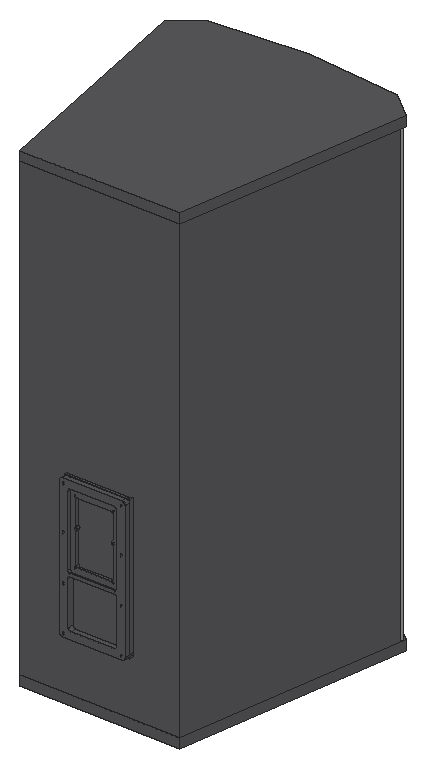
Revit family "EVC-1082-96", category Communication Devices, Revit 2017 (continued)
Definition of nested family "InputPanel_small"
  Lines and regions (mm)
    model lines
      curve 1087: line (-24.27, -4.337, 45.768) -> (-26.388, -4.337, 45.768)
      curve 1088: line (-26.388, -4.337, 45.768) -> (-26.388, -4.337, 46.057)
      curve 1089: line (-26.388, -4.337, 46.057) -> (-27.079, -4.337, 46.057)
      curve 1090: line (-27.082, -4.337, 20.831) -> (-26.391, -4.337, 20.831)
      curve 1091: line (-26.391, -4.337, 20.831) -> (-26.391, -4.337, 21.119)
      curve 1092: line (-26.391, -4.337, 21.119) -> (-24.273, -4.337, 21.119)
      curve 1093: line (-24.273, -4.337, 21.119) -> (-24.273, -4.337, 20.831)
      curve 1094: line (-24.273, -4.337, 20.831) -> (-26.391, -4.337, 20.831)
      curve 1095: line (-25.785, -4.337, 36.802) -> (-27.579, -4.337, 34.613)
      curve 1096: line (-27.579, -4.337, 34.613) -> (-27.088, -4.337, 34.281)
      curve 1097: line (-25.785, -4.337, 43.108) -> (-27.578, -4.337, 40.92)
      curve 1098: line (-27.578, -4.337, 40.92) -> (-27.087, -4.337, 40.587)
      curve 1099: line (-25.812, -4.337, 37.057) -> (-27.412, -4.337, 35.105)
      curve 1100: line (-27.412, -4.337, 35.105) -> (-27.981, -4.337, 35.105)
      curve 1101: line (-27.981, -4.337, 35.105) -> (-25.943, -4.337, 37.592)
      curve 1102: line (-25.812, -4.337, 43.363) -> (-27.411, -4.337, 41.411)
      curve 1103: line (-27.411, -4.337, 41.411) -> (-27.981, -4.337, 41.411)
      curve 1104: line (-27.981, -4.337, 41.411) -> (-25.943, -4.337, 43.898)
      curve 1105: line (-25.786, -4.337, 30.496) -> (-27.579, -4.337, 28.307)
      curve 1106: line (-27.579, -4.337, 28.307) -> (-27.088, -4.337, 27.974)
      curve 1107: line (-25.787, -4.337, 24.189) -> (-27.58, -4.337, 22.001)
      curve 1108: line (-27.58, -4.337, 22.001) -> (-27.089, -4.337, 21.668)
      curve 1109: line (-25.814, -4.337, 24.444) -> (-27.413, -4.337, 22.492)
      curve 1110: line (-27.413, -4.337, 22.492) -> (-27.983, -4.337, 22.492)
      curve 1111: line (-27.983, -4.337, 22.492) -> (-25.945, -4.337, 24.979)
      curve 1112: line (-25.813, -4.337, 30.75) -> (-27.412, -4.337, 28.798)
      curve 1113: line (-27.412, -4.337, 28.798) -> (-27.982, -4.337, 28.799)
      curve 1114: line (-27.982, -4.337, 28.799) -> (-25.944, -4.337, 31.286)
      curve 1115: line (-22.849, -4.337, 23.874) -> (-22.85, -4.337, 20.831)
      curve 1116: line (-22.85, -4.337, 20.831) -> (-17.426, -4.337, 20.83)
      curve 1117: line (-17.426, -4.337, 20.83) -> (-17.423, -4.337, 46.056)
      curve 1118: line (-17.423, -4.337, 46.056) -> (-22.846, -4.337, 46.056)
      curve 1119: line (-22.846, -4.337, 46.056) -> (-24.27, -4.337, 46.056)
      curve 1120: line (-24.27, -4.337, 46.056) -> (-21.157, -4.337, 46.184)
      curve 1121: line (-21.157, -4.337, 46.184) -> (-21.035, -4.337, 46.361)
      curve 1122: line (-24.273, -4.337, 20.831) -> (-22.85, -4.337, 20.831)
      curve 1123: line (-16.642, -4.337, 39.451) -> (-16.643, -4.337, 33.939)
      curve 1124: line (-16.643, -4.337, 33.939) -> (-12.428, -4.337, 33.939)
      curve 1125: line (-12.428, -4.337, 33.939) -> (-12.427, -4.337, 39.451)
      curve 1126: line (-12.427, -4.337, 39.451) -> (-16.642, -4.337, 39.451)
      curve 1127: line (-12.427, -4.337, 40.047) -> (-12.426, -4.337, 45.558)
      curve 1128: line (-12.426, -4.337, 45.558) -> (-16.641, -4.337, 45.559)
      curve 1129: line (-16.641, -4.337, 45.559) -> (-16.642, -4.337, 40.047)
      curve 1130: line (-16.642, -4.337, 40.047) -> (-12.427, -4.337, 40.047)
      curve 1131: line (-17.1, -4.337, 20.83) -> (-17.097, -4.337, 46.055)
      curve 1132: line (-17.097, -4.337, 46.055) -> (-11.97, -4.337, 46.055)
      curve 1133: line (-11.97, -4.337, 46.055) -> (-11.974, -4.337, 20.83)
      curve 1134: line (-11.974, -4.337, 20.83) -> (-17.1, -4.337, 20.83)
      curve 1135: line (-17.1, -4.337, 20.83) -> (-17.426, -4.337, 20.83)
      curve 1136: line (-16.644, -4.337, 26.839) -> (-16.644, -4.337, 21.327)
      curve 1137: line (-16.644, -4.337, 21.327) -> (-12.429, -4.337, 21.326)
      curve 1138: line (-12.429, -4.337, 21.326) -> (-12.428, -4.337, 26.838)
      curve 1139: line (-12.428, -4.337, 26.838) -> (-16.644, -4.337, 26.839)
      curve 1140: line (-12.428, -4.337, 27.434) -> (-12.428, -4.337, 32.946)
      curve 1141: line (-12.428, -4.337, 32.946) -> (-16.643, -4.337, 32.946)
      curve 1142: line (-16.643, -4.337, 32.946) -> (-16.644, -4.337, 27.434)
      curve 1143: line (-16.644, -4.337, 27.434) -> (-12.428, -4.337, 27.434)
      curve 1144: line (-17.097, -4.337, 46.055) -> (-17.423, -4.337, 46.056)
      curve 1145: line (-17.423, -4.337, 46.056) -> (-14.161, -4.337, 46.183)
      curve 1146: line (-14.161, -4.337, 46.183) -> (-14.039, -4.337, 46.36)
      curve 1147: line (-14.039, -4.337, 46.36) -> (-17.172, -4.337, 46.36)
      curve 1148: line (-17.172, -4.337, 46.36) -> (-17.294, -4.337, 46.183)
      curve 1149: line (-16.642, -4.337, 38.284) -> (-15.234, -4.337, 38.284)
      curve 1150: line (-15.234, -4.337, 38.284) -> (-14.908, -4.337, 38.972)
      curve 1151: line (-14.908, -4.337, 38.972) -> (-14.523, -4.337, 39.451)
      curve 1152: line (-16.644, -4.337, 25.672) -> (-15.235, -4.337, 25.671)
      curve 1153: line (-15.235, -4.337, 25.671) -> (-14.91, -4.337, 26.36)
      curve 1154: line (-14.91, -4.337, 26.36) -> (-14.525, -4.337, 26.838)
      curve 1155: line (-16.644, -4.337, 28.601) -> (-15.235, -4.337, 28.601)
      curve 1156: line (-15.235, -4.337, 28.601) -> (-14.91, -4.337, 27.913)
      curve 1157: line (-14.91, -4.337, 27.913) -> (-14.525, -4.337, 27.434)
      curve 1158: line (-16.642, -4.337, 41.214) -> (-15.234, -4.337, 41.214)
      curve 1159: line (-15.234, -4.337, 41.214) -> (-14.908, -4.337, 40.526)
      curve 1160: line (-14.908, -4.337, 40.526) -> (-14.523, -4.337, 40.047)
      curve 1161: line (-16.643, -4.337, 31.978) -> (-15.235, -4.337, 31.978)
      curve 1162: line (-15.235, -4.337, 31.978) -> (-14.909, -4.337, 32.666)
      curve 1163: line (-14.909, -4.337, 32.666) -> (-14.684, -4.337, 32.946)
      curve 1164: line (-16.642, -4.337, 44.591) -> (-15.233, -4.337, 44.59)
      curve 1165: line (-15.233, -4.337, 44.59) -> (-14.908, -4.337, 45.278)
      curve 1166: line (-14.908, -4.337, 45.278) -> (-14.682, -4.337, 45.559)
      curve 1167: line (-16.643, -4.337, 34.908) -> (-15.234, -4.337, 34.907)
      curve 1168: line (-15.234, -4.337, 34.907) -> (-14.909, -4.337, 34.219)
      curve 1169: line (-14.684, -4.337, 33.939) -> (-14.909, -4.337, 34.219)
      curve 1170: line (-14.909, -4.337, 34.219) -> (-14.908, -4.337, 38.972)
      curve 1171: line (-16.644, -4.337, 22.295) -> (-15.236, -4.337, 22.295)
      curve 1172: line (-15.236, -4.337, 22.295) -> (-14.911, -4.337, 21.607)
      curve 1173: line (-14.911, -4.337, 21.607) -> (-14.91, -4.337, 26.36)
      curve 1174: line (-14.685, -4.337, 21.327) -> (-14.911, -4.337, 21.607)
      curve 1175: line (-15.235, -4.337, 28.601) -> (-15.235, -4.337, 31.978)
      curve 1176: line (-15.234, -4.337, 41.214) -> (-15.233, -4.337, 44.59)
      curve 1177: line (-15.235, -4.337, 25.671) -> (-15.236, -4.337, 22.295)
      curve 1178: line (-15.234, -4.337, 38.284) -> (-15.234, -4.337, 34.907)
      curve 1179: line (-17.172, -4.337, 46.36) -> (-17.172, -4.337, 46.622)
      curve 1180: line (-17.172, -4.337, 46.622) -> (-14.039, -4.337, 46.621)
      curve 1181: line (-14.039, -4.337, 46.621) -> (-14.039, -4.337, 46.36)
      curve 1182: line (-17.172, -4.337, 46.622) -> (-17.753, -4.337, 46.622)
      curve 1183: line (-17.753, -4.337, 46.622) -> (-17.753, -4.337, 46.36)
      curve 1184: line (-17.753, -4.337, 46.36) -> (-17.631, -4.337, 46.183)
      curve 1185: line (-13.525, -4.337, 40.047) -> (-13.524, -4.337, 45.558)
      curve 1186: line (-13.527, -4.337, 27.434) -> (-13.526, -4.337, 32.946)
      curve 1187: line (-13.527, -4.337, 21.326) -> (-13.527, -4.337, 26.838)
      curve 1188: line (-13.526, -4.337, 33.939) -> (-13.525, -4.337, 39.451)
      curve 1189: line (-14.91, -4.337, 27.913) -> (-14.909, -4.337, 32.666)
      curve 1190: line (-14.908, -4.337, 40.526) -> (-14.908, -4.337, 45.278)
      curve 1191: line (-24.168, -4.337, 46.361) -> (-24.29, -4.337, 46.184)
      curve 1192: line (-24.168, -4.337, 46.622) -> (-24.168, -4.337, 46.361)
      curve 1193: line (-24.168, -4.337, 46.361) -> (-21.035, -4.337, 46.361)
      curve 1194: line (-21.035, -4.337, 46.361) -> (-21.035, -4.337, 46.622)
      curve 1195: line (-21.035, -4.337, 46.622) -> (-24.168, -4.337, 46.622)
      curve 1196: line (-24.168, -4.337, 46.622) -> (-24.749, -4.337, 46.623)
      curve 1197: line (-24.749, -4.337, 46.623) -> (-24.749, -4.337, 46.361)
      curve 1198: line (-24.749, -4.337, 46.361) -> (-24.627, -4.337, 46.184)
      curve 1199: line (-50.251, -4.337, 21.031) -> (-50.248, -4.337, 45.862)
      curve 1200: line (-50.193, -4.337, 45.807) -> (-50.196, -4.337, 21.086)
      curve 1201: line (-49.239, -4.337, 46.871) -> (-11.796, -4.337, 46.867)
      curve 1202: line (-11.851, -4.337, 46.812) -> (-49.184, -4.337, 46.816)
      curve 1203: line (-10.787, -4.337, 45.858) -> (-10.79, -4.337, 21.027)
      curve 1204: line (-10.79, -4.337, 21.029) -> (-10.842, -4.337, 45.803)
      curve 1205: line (-11.799, -4.337, 20.018) -> (-49.243, -4.337, 20.022)
      curve 1206: line (-49.188, -4.337, 20.077) -> (-11.854, -4.337, 20.073)
      curve 1207: line (-32.649, -4.337, 30.292) -> (-31.03, -4.337, 30.291)
      curve 1208: line (-31.03, -4.337, 30.291) -> (-30.696, -4.337, 30.291)
      curve 1209: line (-32.65, -4.337, 23.985) -> (-31.031, -4.337, 23.985)
      curve 1210: line (-31.031, -4.337, 23.985) -> (-30.698, -4.337, 23.985)
      curve 1211: line (-32.649, -4.337, 36.598) -> (-31.029, -4.337, 36.598)
      curve 1212: line (-31.029, -4.337, 36.598) -> (-30.696, -4.337, 36.598)
      curve 1213: line (-32.648, -4.337, 42.904) -> (-31.028, -4.337, 42.904)
      curve 1214: line (-31.028, -4.337, 42.904) -> (-30.695, -4.337, 42.904)
      curve 1215: line (-28.39, -4.337, 36.597) -> (-30.009, -4.337, 36.598)
      curve 1216: line (-30.009, -4.337, 36.598) -> (-30.343, -4.337, 36.598)
      curve 1217: line (-28.389, -4.337, 42.904) -> (-30.008, -4.337, 42.904)
      curve 1218: line (-30.008, -4.337, 42.904) -> (-30.341, -4.337, 42.904)
      curve 1219: line (-28.39, -4.337, 30.291) -> (-30.01, -4.337, 30.291)
      curve 1220: line (-30.01, -4.337, 30.291) -> (-30.343, -4.337, 30.291)
      curve 1221: line (-28.391, -4.337, 23.985) -> (-30.011, -4.337, 23.985)
      curve 1222: line (-30.011, -4.337, 23.985) -> (-30.344, -4.337, 23.985)
Definition of nested family "2D_CabinetLoudspeaker"
  Parameters (values of type "LoudSpeaker")
    Pan2D [instance] = 0.00°
  Reference planes
    plane 1: y = 0
    plane 2: x = 0
  Lines and regions (mm)
    Masking region 1
      outline origin (0, 0, 0) x (0, -1, 0) y (1, 0, 0)
        loop
          circle (0, 0) r 4.2
    detail lines
      curve 1: line (1.484, 2.897, 0) -> (1.484, 1.008, 0)
      curve 2: line (-1.484, 2.897, 0) -> (1.484, 2.897, 0)
      curve 3: line (-1.484, 1.008, 0) -> (-1.484, 2.897, 0)
      curve 4: line (1.484, 1.008, 0) -> (3.102, -1.911, 0)
      curve 5: line (3.102, -1.911, 0) -> (-3.102, -1.911, 0)
      curve 6: line (-3.102, -1.911, 0) -> (-1.484, 1.008, 0)
      curve 8: line (-1.484, 1.008, 0) -> (1.484, 1.008, 0)
    reference lines
      curve 7: line (0, 0, 0) -> (0, -10.967, 0)
  Dimensions and locks
    "Pan2D": angle curve 7 to plane 2
    aligned and locked: curve 8 to curve 4
    aligned and locked: curve 8 to curve 3
    aligned and locked: curve 1 to curve 8
    aligned and locked: curve 6 to curve 8
    aligned and locked: plane 2 to curve 7
    aligned and locked: plane 1 to curve 7
  Automatic sketch dimensions
    Masking region 1 sketch curve to curve 7 = 0.00 mm  (x2)
    curve 3 to curve 7 = 2.897 mm
    curve 3 to curve 7 = 1.008 mm
    curve 4 to curve 7 = 1.008 mm
    curve 7 to curve 5 = 1.911 mm
    curve 6 to curve 7 = 3.102 mm
    curve 7 to curve 2 = 1.484 mm
    curve 7 to curve 1 = 1.484 mm
    curve 7 to curve 4 = 3.102 mm
    radius of Masking region 1 sketch curve = 4.20 mm
Types (5, lengths in mm): name | ModelNumber | MaterialRALColour | LoudspeakerMaterial | GrillMaterial | CTN
  (no name) | "F.01U.329.268" | "RAL9004" | 13-plyWeather-resistantBirchEVCoat -RAL9004 | 16GA Powder-coatedGalvanneal - B | "EVC108296B"
  EVC108296B_8"_Speaker_90x60_Black | "F.01U.329.268" | "RAL9004" | 13-plyWeather-resistantBirchEVCoat -RAL9004 | 16GA Powder-coatedGalvanneal - B | "EVC108296B"
  EVC108296PIB_8"_Speaker_90x60_Black | "F.01U.329.275" | "RAL9004" | 13-plyWeather-resistantBirchEVCoat -RAL9004 | 16GA Powder-coatedGalvanneal - B | "EVC108296PIB"
  EVC108296W_8"_Speaker_90x60_White | "F.01U.329.274" | "RAL9010" | 13-plyWeather-resistantBirchEVCoat -RAL9010 | 16GA Powder-coatedGalvanneal - W | "EVC108296W"
  EVC108296PIW_8"_Speaker_90x60_White | "F.01U.329.276" | "RAL9010" | 13-plyWeather-resistantBirchEVCoat -RAL9010 | 16GA Powder-coatedGalvanneal - W | "EVC108296PIW"
